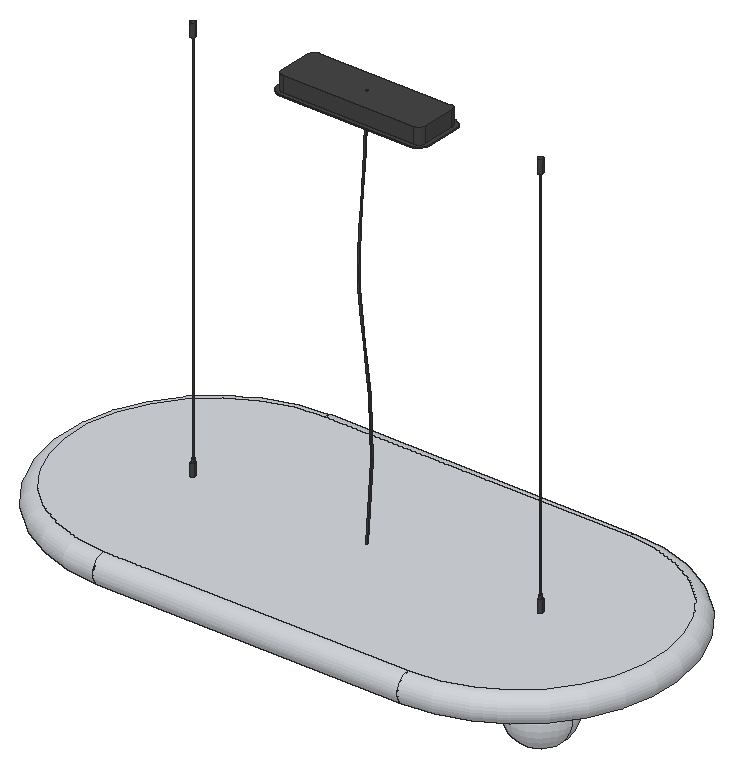
Revit family "BuzziSpace - BuzziSurf", category Lighting Fixtures, host Ceiling, Revit 2019
Family settings
  Host = Ceiling
  Round Connector Dimension = Use Diameter
  Part Type = Normal
  Always vertical = Yes
  Cut with Voids When Loaded = No
  Light Source = No
  Shared = No
  Room Calculation Point = No
Parameters (values of type "Sol Trio Globe")
  Width = 140.00 cm
  Trio Light Visibility = yes
  Spot Light = no
  Solo Visibility = no
  Shade Upholstery [instance] = none
  Retrofit = no
  Reflector = none
  Quintet Light Visibility = no
  Model = "BuzziSurf Sol Trio Globe"
  Manufacturer = "BuzziSpace"  # constant formula
  Light Spacing = 40.00 cm
  Large Visibility = yes
  Keynote = ""
  Glass [instance] = none
  Globe = yes
  Drop From Ceiling [instance] = 100.00 cm
  Ceiling Suspended Straight = yes
  Canopy Width = 35.00 cm
  Cables [instance] = Black
  Black = Black
Types (10, lengths in cm): name | Width | Trio Light Visibility | Spot Light | Solo Visibility | Retrofit | Quintet Light Visibility | Model | Light Spacing | Large Visibility | Globe | Canopy Width
  (no name) | 140.00 | yes | no | no | no | no | "BuzziSurf Sol Trio Globe" | 40.00 | yes | yes | 35.00
  Sol Solo Spot | 108.00 | no | yes | yes | no | no | "BuzziSurf Sol Solo Spot" | 37.50 | no | no | 12.50
  Sol Solo Globe | 108.00 | no | no | yes | no | no | "BuzziSurf Sol Solo Globe" | 37.50 | no | yes | 12.50
  Sol Trio Globe | 140.00 | yes | no | no | no | no | "BuzziSurf Sol Trio Globe" | 40.00 | yes | yes | 35.00
  Sol Trio Spot | 140.00 | yes | no | no | no | no | "BuzziSurf Sol Trio Spot" | 40.00 | yes | yes | 35.00
  Sol Quintet Globe | 210.00 | yes | no | no | no | yes | "BuzziSurf Sol Quintet Globe" | 37.50 | yes | yes | 45.00
  Sol Quintet Spot | 210.00 | yes | yes | no | no | yes | "BuzziSurf Sol Quintet Spot" | 37.50 | yes | no | 45.00
  Sol Quintet Retrofit | 210.00 | yes | no | no | yes | yes | "BuzziSurf Sol Quintet Retrofit" | 37.50 | yes | no | 45.00
  Sol Solo Retrofit | 108.00 | no | no | yes | yes | no | "BuzziSurf Sol Solo Retrofit" | 37.50 | no | no | 12.50
  Sol Trio Retrofit | 140.00 | yes | no | no | yes | no | "BuzziSurf Sol Trio Retrofit" | 40.00 | yes | no | 35.00
Reference planes (cm)
  plane 1 "Center (Front/Back)": y = 0
  plane 2 "Ceiling": z = 243.84
  plane 3 "Center (Left/Right)": x = 0
  plane 4 "Fixture Bottom": z = 143.84
  plane 5: y = 35
  plane 6: y = -35
  plane 7: z = 150.34
  plane 8: x = -70
  plane 9: x = 70
  plane 10: x = -35
  plane 11: x = 35
  plane 12 "Center L/S": z = 141.34
  plane 13 "Trio Light Left": x = -40
  plane 14: x = 40
  plane 15 "Quintet Light Left": x = -80
  plane 16 "Quintet Light Right": x = 80
  plane 17 "Hanger Right": x = 40
  plane 18 "Hanger Left": x = -40
  plane 19: z = 152.99
  plane 20: z = 153.89
  plane 21: z = 240.94
  plane 22 "Electrical Bar Left": x = -43
  plane 23 "Electrical Bar Right": x = 43
  plane 24 "Canopy Left": x = -17.5
  plane 25 "Canopy Right": x = 17.5
  plane 26 "Canopy Edge Left": x = -16.5
  plane 27 "Canopy Edge Right": x = 16.5
Forms (cm)
  Revolve 1, solid, material <- "Shade Upholstery", visible <- "Solo Visibility"
    sketch origin (0, 0, 0) x (1, 0, 0) y (0, 0, 1)
      loop
        arc (-31.75, 150.34) -> (-35, 147.09) -> (-31.75, 143.84) r 3.25
        line (-31.75, 143.84) -> (0, 143.84) -> (0, 150.34) -> (-31.75, 150.34)
      axis (0, 150.34) -> (0, 143.84)
    angle from 0 to 360
  Revolve 2, solid, material <- "Shade Upholstery", visible <- "Large Visibility"
    sketch origin (0, 0, 0) x (1, 0, 0) y (0, 0, 1)
      loop
        arc (-66.75, 150.34) -> (-70, 147.09) -> (-66.75, 143.84) r 3.25
        line (-66.75, 143.84) -> (-35, 143.84) -> (-35, 150.34) -> (-66.75, 150.34)
      axis (-35, 150.34) -> (-35, 143.84)
    angle from -90 to 90
  Extrusion 3, solid, material <- "Shade Upholstery", visible <- "Large Visibility"
    sketch origin (-35, 84.5155, 121.92) x (0, 1, 0) y (0, 0, 1)
      loop
        arc (-52.7655, 21.92) -> (-49.5155, 25.17) -> (-52.7655, 28.42) r 3.25
        line (-52.7655, 28.42) -> (-116.2655, 28.42)
        arc (-116.2655, 28.42) -> (-119.5155, 25.17) -> (-116.2655, 21.92) r 3.25
        line (-116.2655, 21.92) -> (-52.7655, 21.92)
    from 0 to 70
  Revolve 4, solid, material <- "Shade Upholstery", visible <- "Large Visibility"
    sketch origin (0, 0, 0) x (1, 0, 0) y (0, 0, 1)
      loop
        line (66.75, 150.34) -> (35, 150.34) -> (35, 143.84) -> (66.75, 143.84)
        arc (66.75, 143.84) -> (70, 147.09) -> (66.75, 150.34) r 3.25
      axis (35, 150.34) -> (35, 143.84)
    angle from -90 to 90
  Extrusion 5, solid, material "Black" <- "Cables"
    sketch origin (-213.4795, -457.2, 150.34) x (-1, 0, 0) y (0, -1, 0)
      loop
        circle (-173.4795, -457.2) r 0.5
    from 0 to 2.65
  Extrusion 6, solid, material "Black" <- "Cables"
    sketch origin (-213.4795, -457.2, 152.99) x (-1, 0, 0) y (0, -1, 0)
      loop
        circle (-173.4795, -457.2) r 0.25
    from 0 to 0.9
  Extrusion 7, solid, material "Black" <- "Cables"
    sketch origin (-63.4795, -457.2, 150.34) x (-1, 0, 0) y (0, -1, 0)
      loop
        circle (-103.4795, -457.2) r 0.5
    from 0 to 2.65
  Extrusion 8, solid, material "Black" <- "Cables"
    sketch origin (-63.4795, -457.2, 152.99) x (-1, 0, 0) y (0, -1, 0)
      loop
        circle (-103.4795, -457.2) r 0.25
    from 0 to 0.9
  Extrusion 9, solid, material "Black" <- "Cables", visible <- "Ceiling Suspended Straight"
    sketch origin (0, 14.2894, 243.84) x (1, 0, 0) y (0, 1, 0)
      loop
        circle (-40, -14.2894) r 0.6
    from 0 to -2.9
  Extrusion 10, solid, material "Black" <- "Cables"
    sketch origin (-213.4795, -457.2, 153.89) x (-1, 0, 0) y (0, -1, 0)
      loop
        circle (-173.4795, -457.2) r 0.08
    from 0 to 87.05
  Extrusion 11, solid, material "Black" <- "Cables", visible <- "Ceiling Suspended Straight"
    sketch origin (150, 14.2894, 243.84) x (1, 0, 0) y (0, 1, 0)
      loop
        circle (-110, -14.2894) r 0.6
    from 0 to -2.9
  Extrusion 12, solid, material "Black" <- "Cables"
    sketch origin (-63.4795, -457.2, 153.89) x (-1, 0, 0) y (0, -1, 0)
      loop
        circle (-103.4795, -457.2) r 0.08
    from 0 to 87.05
  Extrusion 13, solid, visible <- "Solo Visibility"
    sketch origin (-213.4795, -457.2, 153.89) x (-1, 0, 0) y (0, -1, 0)
      loop
        circle (-213.4795, -457.2) r 0.08
    from -12.55 to -10.05
  Extrusion 14, solid, material "Black" <- "Black", visible <- "Large Visibility"
    sketch origin (-43, -457.2, 228.2835) x (0, 0, 1) y (0, -1, 0)
      loop
        line (-86.9435, -458.45) -> (-84.4435, -458.45) -> (-84.4435, -455.95) -> (-86.9435, -455.95) -> (-86.9435, -458.45)
    from 0 to 86
  Extrusion 15, solid, material "Black" <- "Black"
    sketch origin (-5.9951, 0, 243.84) x (1, 0, 0) y (0, 1, 0)
      loop
        arc (-9.0049, 5.25) -> (-10.0656, 4.8107) -> (-10.5049, 3.75) r 1.5
        line (-10.5049, 3.75) -> (-10.5049, -3.75)
        arc (-10.5049, -3.75) -> (-10.0656, -4.8107) -> (-9.0049, -5.25) r 1.5
        line (-9.0049, -5.25) -> (20.9951, -5.25)
        arc (20.9951, -5.25) -> (22.0557, -4.8107) -> (22.4951, -3.75) r 1.5
        line (22.4951, -3.75) -> (22.4951, 3.75)
        arc (22.4951, 3.75) -> (22.0557, 4.8107) -> (20.9951, 5.25) r 1.5
        line (20.9951, 5.25) -> (-9.0049, 5.25)
    from 0 to -3.5
  Extrusion 16, solid, material "Black" <- "Black"
    sketch origin (-5.9951, 0, 243.84) x (1, 0, 0) y (0, 1, 0)
      loop
        line (20.9551, 6.25) -> (-8.9649, 6.25)
        arc (-8.9649, 6.25) -> (-10.761, 5.5061) -> (-11.5049, 3.71) r 2.54
        line (-11.5049, 3.71) -> (-11.5049, -3.71)
        arc (-11.5049, -3.71) -> (-10.761, -5.5061) -> (-8.9649, -6.25) r 2.54
        line (-8.9649, -6.25) -> (20.9551, -6.25)
        arc (20.9551, -6.25) -> (22.7511, -5.5061) -> (23.4951, -3.71) r 2.54
        line (23.4951, -3.71) -> (23.4951, 3.71)
        arc (23.4951, 3.71) -> (22.7511, 5.5061) -> (20.9551, 6.25) r 2.54
    from -3.5 to -3.65
  Extrusion 17, solid, material "Black" <- "Black"
    sketch origin (-5.9897, 0, 243.84) x (1, 0, 0) y (0, 1, 0)
      loop
        circle (5.9897, 0) r 0.7172
    from -3.65 to -5.4511
  Sweep 18, solid, material "Black" <- "Black"
    path origin (0, 0, 0) x (1, 0, 0) y (0, 0, 1)
      loop
        spline (0, 243.84) -> (-0.2, 235.1956) -> (-0.6762, 227.1778) -> (-1.2429, 219.734) -> (-1.7143, 212.8122) -> (-1.9046, 206.3599) -> (-1.6406, 200.3128) -> (-0.9705, 194.3918) -> (-0.133, 188.1334) -> (0.6275, 181.0684) -> (1.0662, 172.7274) -> (0.9386, 162.6411) -> (0, 150.34)
    profile origin (0, 0, 243.84) x (1, 0, 0.000004) y (0, -1, 0)
      loop
        circle (0, 0) r 0.16
Cuts and joins
  joined: Revolve 2, Extrusion 3, Revolve 4
Dimensions and locks (cm)
  equal spacing: host sketch curve, plane 3 "Center (Left/Right)", host sketch curve
  equal spacing: host sketch curve, plane 1 "Center (Front/Back)", host sketch curve
  host sketch curve to host sketch curve = 304.80 cm  (x2)
  "Drop From Ceiling": plane 2 "Ceiling" to plane 4 "Fixture Bottom"
  plane 12 "Center L/S" to plane 4 "Fixture Bottom" to plane 7 to plane 19 to plane 20 = 2.50 cm locked, 6.50 cm locked, 2.65 cm locked, 0.90 cm locked
  locked: Revolve 1 sketch curve to Revolve 1 sketch curve at 31.75
  equal spacing: plane 8, plane 3 "Center (Left/Right)", plane 9
  "Width": plane 8 to plane 9
  plane 8 to plane 10 = 35.00 cm
  locked: plane 11 to plane 9 at 35
  "Light Spacing": plane 16 "Quintet Light Right" to plane 14 to plane 3 "Center (Left/Right)" to plane 13 "Trio Light Left" to plane 15 "Quintet Light Left"
  locked: plane 9 to plane 17 "Hanger Right" at 30
  locked: plane 18 "Hanger Left" to plane 8 at 30
  locked: plane 22 "Electrical Bar Left" to plane 8 at 27
  locked: plane 23 "Electrical Bar Right" to plane 9 at 27
  "Canopy Width": plane 24 "Canopy Left" to plane 25 "Canopy Right"
  equal spacing: plane 24 "Canopy Left", plane 3 "Center (Left/Right)", plane 25 "Canopy Right"
  locked: plane 24 "Canopy Left" to plane 26 "Canopy Edge Left" at 1
  locked: plane 27 "Canopy Edge Right" to plane 25 "Canopy Right" at 1
  aligned and locked: Revolve 1 sketch curve to plane 3 "Center (Left/Right)"
  aligned and locked: plane 4 "Fixture Bottom" to Extrusion 3 sketch curve
  aligned and locked: plane 7 to Extrusion 3 sketch curve
  aligned and locked: cut or joined group of Revolve 2, Extrusion 3, Revolve 4 to plane 11
  aligned and locked: plane 11 to Revolve 4 sketch curve
  aligned and locked: plane 13 "Trio Light Left" to nested 2
  aligned and locked: plane 14 to nested 3
  aligned and locked: plane 15 "Quintet Light Left" to nested 4
  aligned and locked: plane 16 "Quintet Light Right" to nested 5
  aligned and locked: plane 18 "Hanger Left" to Extrusion 5 sketch curve
  aligned and locked: plane 19 to Extrusion 5
  aligned and locked: plane 18 "Hanger Left" to Extrusion 6 sketch curve
  aligned and locked: plane 20 to Extrusion 6
  aligned and locked: plane 17 "Hanger Right" to Extrusion 7 sketch curve
  aligned and locked: plane 17 "Hanger Right" to Extrusion 8 sketch curve
  aligned and locked: plane 18 "Hanger Left" to Extrusion 10 sketch curve
  aligned and locked: plane 18 "Hanger Left" to Extrusion 9 sketch curve
  aligned and locked: Extrusion 9 to plane 21
  aligned and locked: plane 21 to Extrusion 10
  aligned and locked: plane 17 "Hanger Right" to Extrusion 12 sketch curve
  aligned and locked: plane 17 "Hanger Right" to Extrusion 11 sketch curve
  aligned and locked: plane 21 to Extrusion 12
  aligned and locked: plane 12 "Center L/S" to nested 4
  aligned and locked: plane 12 "Center L/S" to nested 2
  aligned and locked: plane 12 "Center L/S" to nested 1
  aligned and locked: plane 12 "Center L/S" to nested 3
  aligned and locked: plane 12 "Center L/S" to nested 5
  aligned and locked: plane 4 "Fixture Bottom" to Extrusion 13
  aligned and locked: Extrusion 13 to plane 12 "Center L/S"
  aligned and locked: plane 3 "Center (Left/Right)" to Extrusion 13 sketch curve
  aligned and locked: plane 12 "Center L/S" to Extrusion 14 sketch curve
  aligned and locked: plane 4 "Fixture Bottom" to Extrusion 14 sketch curve
  aligned and locked: Extrusion 14 to plane 23 "Electrical Bar Right"
  aligned and locked: Extrusion 16 sketch curve to plane 24 "Canopy Left"
  aligned and locked: plane 25 "Canopy Right" to Extrusion 16 sketch curve
  aligned and locked: plane 3 "Center (Left/Right)" to Extrusion 17 sketch curve
  aligned and locked: Extrusion 15 sketch curve to plane 26 "Canopy Edge Left"
  aligned and locked: plane 27 "Canopy Edge Right" to Extrusion 15 sketch curve
Automatic sketch dimensions
  Revolve 1 sketch curve to plane 7 = 0.00 cm
  Revolve 1 sketch curve to plane 4 "Fixture Bottom" = 0.00 cm
  Revolve 1 sketch curve to Revolve 1 sketch curve = 0.00 cm
  plane 20 to Revolve 1 sketch curve = 21.8335 cm
  plane 2 "Ceiling" to Revolve 1 sketch curve = 32.4435 cm
  Revolve 2 sketch curve to plane 7 = 0.00 cm
  Revolve 2 sketch curve to plane 4 "Fixture Bottom" = 0.00 cm
  Revolve 2 sketch curve to plane 10 = 0.00 cm  (x2)
  plane 8 to Revolve 2 sketch curve = 3.25 cm
  plane 20 to Revolve 2 sketch curve = 27.39 cm
  Revolve 2 sketch curve to plane 21 = 21.10 cm
  Extrusion 3 sketch curve to plane 6 = 3.25 cm
  Extrusion 3 sketch curve to plane 5 = 3.25 cm
  Revolve 4 sketch curve to plane 4 "Fixture Bottom" = 0.00 cm
  plane 11 to Revolve 4 sketch curve = 0.00 cm
  Revolve 4 sketch curve to plane 7 = 0.00 cm
  plane 9 to Revolve 4 sketch curve = 3.25 cm
  plane 20 to Revolve 4 sketch curve = 37.39 cm
  Revolve 4 sketch curve to plane 21 = 19.10 cm
  plane 1 "Center (Front/Back)" to Extrusion 5 sketch curve = 0.00 cm
  plane 1 "Center (Front/Back)" to Extrusion 6 sketch curve = 0.00 cm
  plane 1 "Center (Front/Back)" to Extrusion 7 sketch curve = 0.00 cm
  plane 1 "Center (Front/Back)" to Extrusion 8 sketch curve = 0.00 cm
  plane 1 "Center (Front/Back)" to Extrusion 9 sketch curve = 0.00 cm
  plane 1 "Center (Front/Back)" to Extrusion 10 sketch curve = 0.00 cm
  plane 1 "Center (Front/Back)" to Extrusion 11 sketch curve = 0.00 cm
  plane 1 "Center (Front/Back)" to Extrusion 12 sketch curve = 0.00 cm
  plane 1 "Center (Front/Back)" to Extrusion 13 sketch curve = 0.00 cm
  Extrusion 14 sketch curve to plane 5 = 33.75 cm
  Extrusion 14 sketch curve to Extrusion 14 sketch curve = 2.50 cm
  Extrusion 17 sketch curve to plane 1 "Center (Front/Back)" = 0.00 cm
  plane 26 "Canopy Edge Left" to Extrusion 16 sketch curve = 1.54 cm  (x2)
  plane 27 "Canopy Edge Right" to Extrusion 16 sketch curve = 1.54 cm  (x2)
  plane 1 "Center (Front/Back)" to Extrusion 16 sketch curve = 6.25 cm
  Extrusion 16 sketch curve to plane 1 "Center (Front/Back)" = 3.71 cm
  Extrusion 15 sketch curve to Extrusion 15 sketch curve = 1.50 cm  (x2)
  plane 27 "Canopy Edge Right" to Extrusion 15 sketch curve = 1.50 cm  (x2)
  plane 1 "Center (Front/Back)" to Extrusion 15 sketch curve = 5.25 cm
  Extrusion 15 sketch curve to plane 1 "Center (Front/Back)" = 3.75 cm
  plane 1 "Center (Front/Back)" to Sweep 18 sketch curve = 0.00 cm
  Sweep 18 sketch curve to profile plane = 0.00 cm
  Sweep 18 sketch curve to plane 7 = 0.00 cm
  Sweep 18 sketch curve to plane 2 "Ceiling" = 0.00 cm
  Sweep 18 sketch curve to plane 3 "Center (Left/Right)" = 0.00 cm
  radius of Extrusion 5 sketch curve = 0.50 cm
  radius of Extrusion 6 sketch curve = 0.25 cm
  radius of Extrusion 7 sketch curve = 0.50 cm
  radius of Extrusion 8 sketch curve = 0.25 cm
  radius of Extrusion 9 sketch curve = 0.60 cm
  radius of Extrusion 10 sketch curve = 0.08 cm
  radius of Extrusion 11 sketch curve = 0.60 cm
  radius of Extrusion 12 sketch curve = 0.08 cm
  radius of Extrusion 13 sketch curve = 0.08 cm
  radius of Extrusion 17 sketch curve = 0.7172 cm
  radius of Sweep 18 sketch curve = 0.16 cm
Nested families (cm)
  nested 1: "Light" at (0, 0, 110.4433), Glass <- "Glass", Metal Housing <- "Black", type "Light"
    with Metal Housing Black, Glass none, Spot no, Retrofit no, Heatsink yes
  nested 2: "Light" at (-40, 0, 110.4433), visible <- "Trio Light Visibility", Glass <- "Glass", Metal Housing <- "Black", type "Light"
    with Metal Housing Black, Glass none, Spot no, Retrofit no, Heatsink yes
  nested 3: "Light" at (40, 0, 110.4433), visible <- "Trio Light Visibility", Glass <- "Glass", Metal Housing <- "Black", type "Light"
    with Metal Housing Black, Glass none, Spot no, Retrofit no, Heatsink yes
  nested 4: "Light" at (-80, 0, 110.4433), visible <- "Quintet Light Visibility", Glass <- "Glass", Metal Housing <- "Black", type "Light"
    with Metal Housing Black, Glass none, Spot no, Retrofit no, Heatsink yes
  nested 5: "Light" at (80, 0, 110.4433), visible <- "Quintet Light Visibility", Glass <- "Glass", Metal Housing <- "Black", type "Light"
    with Metal Housing Black, Glass none, Spot no, Retrofit no, Heatsink yes
Definition of nested family "Light"
  Parameters (values of type "Light")
    Spot = yes
    Retrofit = yes
    Reflector = none
    Metal Housing [instance] = none
    Heatsink = not(Retrofit)  # no
    Globe = yes
    Glass [instance] = none
  Types (3, lengths in cm): name | Spot | Retrofit | Heatsink | Globe
    Light | yes | yes | no | yes
    Spot Light | yes | no | yes | no
    Globe Light | no | yes | no | yes
  Reference planes (cm)
    plane 1 "Light Source Axis (F/B)": y = 0
    plane 2: z = 0
    plane 3 "Light Source Axis (L/R)": x = 0
    plane 4 "Light Source Elevation": z = 137.16
    plane 5: z = 30.8967
  Forms (cm)
    Revolve 1, solid, material <- "Metal Housing", visible <- "Spot"
      sketch origin (0, 0, -11.1026) x (1, 0, 0) y (0, 0, 1)
        loop
          line (-5, 36.9) -> (-5.1048, 30.8967) -> (-4.9013, 30.8967) -> (-4.8943, 31.3) -> (-3.5, 31.3) -> (-3.5, 31.5) -> (-3.59, 31.5) -> (-4.8002, 31.5) -> (-4.8002, 36.69) -> (-0.7622, 36.69) -> (-0.7462, 36.9) -> (-5, 36.9)
        axis (0, 36.9) -> (0, 30.8967)
      angle from 0 to 360
    Blend 2, solid, material <- "Metal Housing", visible <- "Heatsink"
      base sketch origin (0, 0, -11.1026) x (1, 0, 0) y (0, 1, 0)
        loop
          arc (-0.4043, 3.7656) -> (-0.7646, 3.7093) -> (-1.1178, 3.6186) r 3.7873
          line (-1.1178, 3.6186) -> (-1.5341, 4.7625) -> (-1.8861, 4.6344) -> (-1.4697, 3.4905)
          arc (-1.4697, 3.4905) -> (-1.8936, 3.2799) -> (-2.288, 3.0181) r 3.7873
          line (-2.288, 3.0181) -> (-3.0705, 3.9506) -> (-3.3574, 3.7098) -> (-2.5749, 2.7773)
          arc (-2.5749, 2.7773) -> (-2.9012, 2.4344) -> (-3.1822, 2.0535) r 3.7873
          line (-3.1822, 2.0535) -> (-4.2365, 2.6622) -> (-4.4238, 2.3378) -> (-3.3695, 1.7291)
          arc (-3.3695, 1.7291) -> (-3.5589, 1.2953) -> (-3.6927, 0.8413) r 3.7873
          line (-3.6927, 0.8413) -> (-4.8915, 1.0527) -> (-4.9566, 0.6838) -> (-3.7577, 0.4724)
          arc (-3.7577, 0.4724) -> (-3.7873, 0) -> (-3.7577, -0.4724) r 3.7873
          line (-3.7577, -0.4724) -> (-4.9566, -0.6838) -> (-4.8915, -1.0527) -> (-3.6927, -0.8413)
          arc (-3.6927, -0.8413) -> (-3.5946, -1.1925) -> (-3.4633, -1.5327) r 3.7873
          line (-3.4633, -1.5327) -> (-4.4207, -2.3361)
          arc (-4.4207, -2.3361) -> (-4.3301, -2.5) -> (-4.2335, -2.6604) r 5
          line (-4.2335, -2.6604) -> (-3.059, -2.233)
          arc (-3.059, -2.233) -> (-2.8301, -2.5168) -> (-2.5749, -2.7773) r 3.7873
          line (-2.5749, -2.7773) -> (-3.3574, -3.7098) -> (-3.0705, -3.9506) -> (-2.288, -3.0181)
          arc (-2.288, -3.0181) -> (-1.8936, -3.2799) -> (-1.4697, -3.4905) r 3.7873
          line (-1.4697, -3.4905) -> (-1.8861, -4.6344) -> (-1.5341, -4.7625) -> (-1.1178, -3.6186)
          arc (-1.1178, -3.6186) -> (-0.6577, -3.7297) -> (-0.1873, -3.7826) r 3.7873
          line (-0.1873, -3.7826) -> (-0.1873, -5) -> (0.1873, -5) -> (0.1873, -3.7826)
          arc (0.1873, -3.7826) -> (0.6577, -3.7297) -> (1.1178, -3.6186) r 3.7873
          line (1.1178, -3.6186) -> (1.5341, -4.7625) -> (1.8861, -4.6344) -> (1.4697, -3.4905)
          arc (1.4697, -3.4905) -> (1.8936, -3.2799) -> (2.288, -3.0181) r 3.7873
          line (2.288, -3.0181) -> (3.0705, -3.9506) -> (3.3574, -3.7098) -> (2.5749, -2.7773)
          arc (2.5749, -2.7773) -> (2.8301, -2.5168) -> (3.059, -2.233) r 3.7873
          line (3.059, -2.233) -> (4.2335, -2.6604)
          arc (4.2335, -2.6604) -> (4.3301, -2.5) -> (4.4207, -2.3361) r 5
          line (4.4207, -2.3361) -> (3.4633, -1.5327)
          arc (3.4633, -1.5327) -> (3.5946, -1.1925) -> (3.6927, -0.8413) r 3.7873
          line (3.6927, -0.8413) -> (4.8915, -1.0527) -> (4.9566, -0.6838) -> (3.7577, -0.4724)
          arc (3.7577, -0.4724) -> (3.7873, 0) -> (3.7577, 0.4724) r 3.7873
          line (3.7577, 0.4724) -> (4.9566, 0.6838) -> (4.8915, 1.0527) -> (3.6927, 0.8413)
          arc (3.6927, 0.8413) -> (3.5589, 1.2953) -> (3.3695, 1.7291) r 3.7873
          line (3.3695, 1.7291) -> (4.4238, 2.3378) -> (4.2365, 2.6622) -> (3.1822, 2.0535)
          arc (3.1822, 2.0535) -> (2.9012, 2.4344) -> (2.5749, 2.7773) r 3.7873
          line (2.5749, 2.7773) -> (3.3574, 3.7098) -> (3.0705, 3.9506) -> (2.288, 3.0181)
          arc (2.288, 3.0181) -> (1.8936, 3.2799) -> (1.4697, 3.4905) r 3.7873
          line (1.4697, 3.4905) -> (1.8861, 4.6344) -> (1.5341, 4.7625) -> (1.1178, 3.6186)
          arc (1.1178, 3.6186) -> (0.7646, 3.7093) -> (0.4043, 3.7656) r 3.7873
          line (0.4043, 3.7656) -> (0.1873, 4.9965)
          arc (0.1873, 4.9965) -> (0, 5) -> (-0.1873, 4.9965) r 5
          line (-0.1873, 4.9965) -> (-0.4043, 3.7656)
      top sketch origin (0, 0, -11.1026) x (1, 0, 0) y (0, 1, 0)
        loop
          line (-1.7312, 4.6055) -> (-1.3115, 3.4524)
          arc (-1.3115, 3.4524) -> (-1.8468, 3.1983) -> (-2.3346, 2.8618) r 3.6936
          line (-2.3346, 2.8618) -> (-3.1233, 3.8017) -> (-3.2021, 3.7356) -> (-2.4134, 2.7956)
          arc (-2.4134, 2.7956) -> (-2.8295, 2.3737) -> (-3.1727, 1.8907) r 3.6936
          line (-3.1727, 1.8907) -> (-4.2354, 2.5042) -> (-4.2868, 2.4151) -> (-3.2242, 1.8016)
          arc (-3.2242, 1.8016) -> (-3.4709, 1.2628) -> (-3.6282, 0.6915) r 3.6936
          line (-3.6282, 0.6915) -> (-4.8366, 0.9046) -> (-4.8545, 0.8032) -> (-3.6461, 0.5901)
          arc (-3.6461, 0.5901) -> (-3.6936, -0.0005) -> (-3.6461, -0.5912) r 3.6936
          line (-3.6461, -0.5912) -> (-4.8545, -0.8042) -> (-4.8366, -0.9056) -> (-3.6282, -0.6925)
          arc (-3.6282, -0.6925) -> (-3.5101, -1.1503) -> (-3.3345, -1.5892) r 3.6936
          line (-3.3345, -1.5892) -> (-4.3656, -2.4544) -> (-4.3079, -2.5543) -> (-3.0431, -2.0939)
          arc (-3.0431, -2.0939) -> (-2.7508, -2.4655) -> (-2.4134, -2.7966) r 3.6936
          line (-2.4134, -2.7966) -> (-3.2021, -3.7366) -> (-3.1233, -3.8027) -> (-2.3346, -2.8628)
          arc (-2.3346, -2.8628) -> (-1.8468, -3.1993) -> (-1.3115, -3.4534) r 3.6936
          line (-1.3115, -3.4534) -> (-1.7312, -4.6065) -> (-1.6345, -4.6417) -> (-1.2148, -3.4886)
          arc (-1.2148, -3.4886) -> (-0.6414, -3.638) -> (-0.0515, -3.6938) r 3.6936
          line (-0.0515, -3.6938) -> (-0.0515, -4.9208) -> (0.0515, -4.9208) -> (0.0515, -3.6938)
          arc (0.0515, -3.6938) -> (0.6414, -3.638) -> (1.2148, -3.4886) r 3.6936
          line (1.2148, -3.4886) -> (1.6345, -4.6417) -> (1.7312, -4.6065) -> (1.3115, -3.4534)
          arc (1.3115, -3.4534) -> (1.8468, -3.1993) -> (2.3346, -2.8628) r 3.6936
          line (2.3346, -2.8628) -> (3.1233, -3.8027) -> (3.2021, -3.7366) -> (2.4134, -2.7966)
          arc (2.4134, -2.7966) -> (2.7508, -2.4655) -> (3.0431, -2.0939) r 3.6936
          line (3.0431, -2.0939) -> (4.3079, -2.5543) -> (4.3656, -2.4544) -> (3.3345, -1.5892)
          arc (3.3345, -1.5892) -> (3.5101, -1.1503) -> (3.6282, -0.6925) r 3.6936
          line (3.6282, -0.6925) -> (4.8366, -0.9056) -> (4.8545, -0.8042) -> (3.6461, -0.5912)
          arc (3.6461, -0.5912) -> (3.6936, -0.0005) -> (3.6461, 0.5901) r 3.6936
          line (3.6461, 0.5901) -> (4.8545, 0.8032) -> (4.8366, 0.9046) -> (3.6282, 0.6915)
          arc (3.6282, 0.6915) -> (3.4709, 1.2628) -> (3.2242, 1.8016) r 3.6936
          line (3.2242, 1.8016) -> (4.2868, 2.4151) -> (4.2354, 2.5042) -> (3.1727, 1.8907)
          arc (3.1727, 1.8907) -> (2.8295, 2.3737) -> (2.4134, 2.7956) r 3.6936
          line (2.4134, 2.7956) -> (3.2021, 3.7356) -> (3.1233, 3.8017) -> (2.3346, 2.8618)
          arc (2.3346, 2.8618) -> (1.8468, 3.1983) -> (1.3115, 3.4524) r 3.6936
          line (1.3115, 3.4524) -> (1.7312, 4.6055) -> (1.6345, 4.6407) -> (1.2148, 3.4876)
          arc (1.2148, 3.4876) -> (0.7593, 3.6142) -> (0.2914, 3.6816) r 3.6936
          line (0.2914, 3.6816) -> (0.0577, 5.0071)
          arc (0.0577, 5.0071) -> (0, 5.0075) -> (-0.0577, 5.0071) r 5.008
          line (-0.0577, 5.0071) -> (-0.2914, 3.6816)
          arc (-0.2914, 3.6816) -> (-0.7593, 3.6142) -> (-1.2148, 3.4876) r 3.6936
          line (-1.2148, 3.4876) -> (-1.6345, 4.6407) -> (-1.7312, 4.6055)
      from 36.9987 to 41.9993
    Revolve 3, solid, material <- "Glass", visible <- "Globe"
      sketch origin (0, 0, -11.1026) x (1, 0, 0) y (0, 0, 1)
        loop
          arc (-4.9566, 36.9987) -> (-6.9795, 28.7642) -> (0, 23.9492) r 7.466
          line (0, 23.9492) -> (0, 24.232)
          arc (0, 24.232) -> (-6.6947, 28.8115) -> (-4.8533, 36.7109) r 7.1832
          line (-4.8533, 36.7109) -> (0, 36.7109) -> (0, 36.9987) -> (-4.9566, 36.9987)
        axis (0, 36.9987) -> (0, 23.9492)
      angle from 0 to 360
    Revolve 4, solid, material <- "Metal Housing", visible <- "Retrofit"
      sketch origin (0, 0, -11.1033) x (0, 1, 0) y (0, 0, 1)
        loop
          line (0.525, 42) -> (0.525, 47.08) -> (0, 47.08) -> (0, 41.8412) -> (2.0912, 41.8412) -> (2.0912, 35.8) -> (2.25, 35.8) -> (2.25, 41.7938)
          arc (2.25, 41.7938) -> (2.1896, 41.9396) -> (2.0438, 42) r 0.2062
          line (2.0438, 42) -> (0.525, 42)
        axis (0, 47.08) -> (0, 35.8)
      angle from 0 to 360
    Revolve 5, solid, material <- "Glass", visible <- "Retrofit"
      sketch origin (0, 0, 30.8967) x (1, 0, 0) y (0, 0, 1)
        loop
          line (0, -2.6447) -> (-0.4671, -2.6447) -> (-1.2791, -3.5465) -> (-1.2791, -5.6909) -> (-1.7281, -6.1399)
          arc (-1.7281, -6.1399) -> (-1.7042, -6.8416) -> (-1.7279, -7.5433) r 10.3832
          arc (-1.7279, -7.5433) -> (-1.7746, -7.8798) -> (-1.8684, -8.2063) r 2.4049
          arc (-1.8684, -8.2063) -> (-2.008, -8.5179) -> (-2.1904, -8.8067) r 2.4049
          arc (-2.1904, -8.8067) -> (-2.5475, -9.3956) -> (-2.7941, -10.0386) r 3.8568
          arc (-2.7941, -10.0386) -> (-2.9483, -10.7705) -> (-3, -11.5166) r 5.4077
          arc (-3, -11.5166) -> (-2.1213, -13.638) -> (0, -14.5166) r 3
          line (0, -14.5166) -> (0, -2.6447)
        axis (0, -2.6447) -> (0, -14.5166)
      angle from 0 to 360
    Revolve 6, solid, material <- "Reflector", visible <- "Spot"
      sketch origin (0, 0, -11.1026) x (1, 0, 0) y (0, 0, 1)
        loop
          line (-3.59, 31.63) -> (-3.4257, 31.63)
          arc (-3.4257, 31.63) -> (-2.6872, 34.1929) -> (-1.3595, 36.5062) r 11.1184
          line (-1.3595, 36.5062) -> (-0.7622, 36.69) -> (-4.8002, 36.69) -> (-4.8002, 31.5) -> (-3.59, 31.5) -> (-3.59, 31.63)
        axis (0, 36.69) -> (0, 31.5)
      angle from 0 to 360
  Dimensions and locks (cm)
    aligned and locked: level to plane 2
